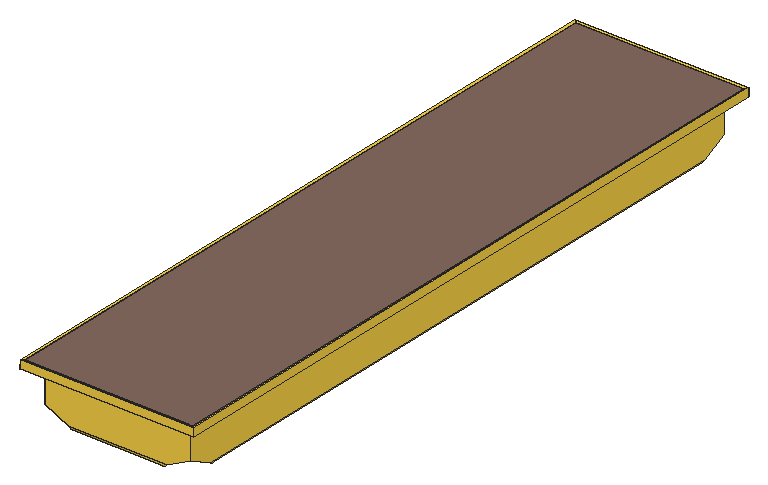
Revit family "CC4_PANEL CC 1.5x0.375_1870165", category Generic Models, Revit 2018
Family settings
  Can host rebar = No
  Round Connector Dimension = Use Diameter
  Part Type = Normal
  OmniClass Number = 35.51.14.00
  OmniClass Title = FORMWORK
  Work Plane-Based = Yes
  Always vertical = No
  Cut with Voids When Loaded = No
  Shared = Yes
  Room Calculation Point = No
Parameters
  VERSION = "20190101"  # constant formula
  URL = "www.ulmaconstruction.com/en"
  UNICLASS = ""
  ITEM_CODE = "1870165"
  Manufacturer = "ULMA CONSTRUCTION"  # constant formula
  FILTER [instance] = ""
  Default Elevation = 0.000 mm
  CLASSIFICATION_TITLE = ""
  CLASSIFICATION_NUMBER = ""
Reference planes
  plane 1 "Centro (Frontal/Posterior)": y = 0
  plane 2: z = 0
  plane 3 "Centro (Izquierda/Derecha)": x = 0
Forms (mm)
  Extrusion 1, solid, material "ULMA YELLOW", detail levels fine
    sketch origin (0, 0, 0) x (0, 1, 0) y (0, 0, 1)
      loop
        line (286, -85) -> (314, -85) -> (314, -82.5) -> (288, -82.5) -> (288, -12.5) -> (314, -12.5) -> (314, -10) -> (286, -10) -> (286, -85)
      loop
        line (886, -85) -> (914, -85) -> (914, -82.5) -> (888, -82.5) -> (888, -12.5) -> (914, -12.5) -> (914, -10) -> (886, -10) -> (886, -85)
      loop
        line (614, -85) -> (614, -10) -> (586, -10) -> (586, -12.5) -> (612, -12.5) -> (612, -82.5) -> (586, -82.5) -> (586, -85) -> (614, -85)
      loop
        line (1214, -85) -> (1214, -10) -> (1186, -10) -> (1186, -12.5) -> (1212, -12.5) -> (1212, -82.5) -> (1186, -82.5) -> (1186, -85) -> (1214, -85)
    from -343 to -32
  Extrusion 2, solid, material "ULMA YELLOW", detail levels fine
    sketch origin (0, 0, 0) x (1, 0, 0) y (0, 0, 1)
      loop
        line (-50, -115.5) -> (-50, -118.5) -> (-34, -118.5)
        arc (-34, -118.5) -> (-31.172, -117.328) -> (-30, -114.5) r 4
        line (-30, -114.5) -> (-30, -17.5) -> (0, -17.5) -> (0, 0) -> (-5.25, 0) -> (-5.25, -9) -> (-32, -9) -> (-32, -85) -> (-33, -85) -> (-33, -111.5) -> (-46, -111.5)
        arc (-46, -111.5) -> (-48.828, -112.672) -> (-50, -115.5) r 4
    from 0 to -1500
  Extrusion 3, solid, material "ULMA YELLOW", detail levels fine
    sketch origin (-375, 0, 0) x (-1, 0, 0) y (0, 0, -1)
      loop
        arc (-50, 115.5) -> (-48.828, 112.672) -> (-46, 111.5) r 4
        line (-46, 111.5) -> (-33, 111.5) -> (-33, 85) -> (-32, 85) -> (-32, 9) -> (-5.25, 9) -> (-5.25, 0) -> (0, 0) -> (0, 17.5) -> (-30, 17.5) -> (-30, 114.5)
        arc (-30, 114.5) -> (-31.172, 117.328) -> (-34, 118.5) r 4
        line (-34, 118.5) -> (-50, 118.5) -> (-50, 115.5)
    from -1500 to 0
  Extrusion 4, solid, material "ULMA YELLOW", detail levels fine
    sketch origin (0, 0, 0) x (0, 1, 0) y (0, 0, 1)
      loop
        line (0, 0) -> (0, -17.5) -> (30, -17.5) -> (30, -114.5)
        arc (30, -114.5) -> (31.172, -117.328) -> (34, -118.5) r 4
        line (34, -118.5) -> (50, -118.5) -> (50, -115.5)
        arc (50, -115.5) -> (48.828, -112.672) -> (46, -111.5) r 4
        line (46, -111.5) -> (33, -111.5) -> (33, -85) -> (32, -85) -> (32, -9) -> (5.25, -9) -> (5.25, 0) -> (0, 0)
    from 0 to -375
  Extrusion 5, solid, material "ULMA YELLOW", detail levels fine
    sketch origin (0, 1500, 0) x (0, -1, 0) y (0, 0, -1)
      loop
        line (0, 0) -> (5.25, 0) -> (5.25, 9) -> (32, 9) -> (32, 85) -> (33, 85) -> (33, 111.5) -> (46, 111.5)
        arc (46, 111.5) -> (48.828, 112.672) -> (50, 115.5) r 4
        line (50, 115.5) -> (50, 118.5) -> (34, 118.5)
        arc (34, 118.5) -> (31.172, 117.328) -> (30, 114.5) r 4
        line (30, 114.5) -> (30, 17.5) -> (0, 17.5) -> (0, 0)
    from 0 to -375
  Extrusion 6, void
    sketch origin (0, 0, 0) x (1, 0, 0) y (0, 1, 0)
      loop
        line (0, 1500) -> (-50, 1450) -> (0, 1450) -> (0, 1500)
    from -118.5 to 0
  Extrusion 7, void
    sketch origin (0, 0, 0) x (1, 0, 0) y (0, 1, 0)
      loop
        line (0, 1500) -> (-50, 1500) -> (-50, 1450) -> (0, 1500)
    from -118.5 to 0
  Extrusion 8, void
    sketch origin (-375, 0, 0) x (-1, 0, 0) y (0, -1, 0)
      loop
        line (0, -1500) -> (-50, -1450) -> (-50, -1500) -> (0, -1500)
    from -118.5 to 0
  Extrusion 9, void
    sketch origin (-375, 0, 0) x (-1, 0, 0) y (0, -1, 0)
      loop
        line (0, -1500) -> (0, -1450) -> (-50, -1450) -> (0, -1500)
    from -118.5 to 0
  Extrusion 10, void
    sketch origin (-375, 1500, 0) x (-1, 0, 0) y (0, -1, 0)
      loop
        line (0, 1500) -> (-50, 1450) -> (0, 1450) -> (0, 1500)
    from -118.5 to 0
  Extrusion 11, void
    sketch origin (-375, 1500, 0) x (-1, 0, 0) y (0, -1, 0)
      loop
        line (0, 1500) -> (-50, 1500) -> (-50, 1450) -> (0, 1500)
    from -118.5 to 0
  Extrusion 12, void
    sketch origin (0, 1500, 0) x (1, 0, 0) y (0, 1, 0)
      loop
        line (0, -1500) -> (-50, -1450) -> (-50, -1500) -> (0, -1500)
    from -118.5 to 0
  Extrusion 13, void
    sketch origin (0, 1500, 0) x (1, 0, 0) y (0, 1, 0)
      loop
        line (0, -1500) -> (0, -1450) -> (-50, -1450) -> (0, -1500)
    from -118.5 to 0
  Extrusion 14, void
    sketch origin (0, 0, 0) x (0, 1, 0) y (0, 0, 1)
      loop
        line (1470, -87.546) -> (1409.25, -118.5) -> (1470, -118.5) -> (1470, -87.546)
    from -50 to 0
  Extrusion 15, void
    sketch origin (-1500, 1500, 0) x (1, 0, 0) y (0, 0, -1)
      loop
        line (1470, 87.546) -> (1470, 118.5) -> (1409.25, 118.5) -> (1470, 87.546)
    from -50 to 0
  Extrusion 16, void
    sketch origin (1125, 1500, 0) x (-1, 0, 0) y (0, 0, 1)
      loop
        line (1470, -87.546) -> (1409.25, -118.5) -> (1470, -118.5) -> (1470, -87.546)
    from -50 to 0
  Extrusion 17, void
    sketch origin (-375, 0, 0) x (0, 1, 0) y (0, 0, -1)
      loop
        line (1470, 87.546) -> (1470, 118.5) -> (1409.25, 118.5) -> (1470, 87.546)
    from -50 to 0
  Extrusion 18, void
    sketch origin (0, 1500, 0) x (0, -1, 0) y (0, 0, -1)
      loop
        line (1470, 87.546) -> (1470, 118.5) -> (1409.25, 118.5) -> (1470, 87.546)
    from -50 to 0
  Extrusion 19, void
    sketch origin (-1500, 0, 0) x (1, 0, 0) y (0, 0, 1)
      loop
        line (1470, -87.546) -> (1409.25, -118.5) -> (1470, -118.5) -> (1470, -87.546)
    from -50 to 0
  Extrusion 20, void
    sketch origin (1125, 0, 0) x (-1, 0, 0) y (0, 0, -1)
      loop
        line (1470, 87.546) -> (1470, 118.5) -> (1409.25, 118.5) -> (1470, 87.546)
    from -50 to 0
  Extrusion 21, void
    sketch origin (-375, 1500, 0) x (0, -1, 0) y (0, 0, 1)
      loop
        line (1470, -87.546) -> (1409.25, -118.5) -> (1470, -118.5) -> (1470, -87.546)
    from -50 to 0
  Extrusion 22, solid, material "ULMA PLYWOOD", detail levels fine
    sketch origin (0, 0, 0) x (1, 0, 0) y (0, 1, 0)
      loop
        line (-369.75, 1494.75) -> (-369.75, 5.25) -> (-5.25, 5.25) -> (-5.25, 1494.75) -> (-369.75, 1494.75)
    from -9 to 0
  Extrusion 23, solid, material "ULMA PLYWOOD", detail levels medium
    sketch origin (0, 0, 0) x (1, 0, 0) y (0, 1, 0)
      loop
        line (-375, 1500) -> (-375, 0) -> (0, 0) -> (0, 1500) -> (-375, 1500)
    from -118.5 to 0
Cuts and joins
  Extrusion 7, Extrusion 8, Extrusion 9, Extrusion 12, Extrusion 14, Extrusion 16, Extrusion 17, Extrusion 18 cuts Extrusion 2
  Extrusion 6, Extrusion 9, Extrusion 10, Extrusion 11, Extrusion 15, Extrusion 16, Extrusion 18, Extrusion 19, Extrusion 20, Extrusion 21 cuts Extrusion 5
  Extrusion 8, Extrusion 11, Extrusion 12, Extrusion 13, Extrusion 17, Extrusion 21 cuts Extrusion 3
  Extrusion 10, Extrusion 13, Extrusion 19, Extrusion 20 cuts Extrusion 4
Lines and regions (mm)
  model lines, style "ULMA PANEL CC", detail levels fine
    curve 1: line (-30, 500, -40) -> (-30, 400, -40)
    curve 2: arc (-30, 400, -40) -> (-30, 395.668, -40.987) -> (-30, 392.191, -43.753) r 10
    curve 3: line (-30, 392.191, -43.753) -> (-30, 372.191, -68.753)
    curve 4: arc (-30, 372.191, -68.753) -> (-30, 370.987, -79.332) -> (-30, 380, -85) r 10
    curve 5: line (-30, 380, -85) -> (-30, 520, -85)
    curve 6: arc (-30, 520, -85) -> (-30, 529.013, -79.332) -> (-30, 527.809, -68.753) r 10
    curve 7: line (-30, 527.809, -68.753) -> (-30, 507.809, -43.753)
    curve 8: arc (-30, 507.809, -43.753) -> (-30, 504.332, -40.987) -> (-30, 500, -40) r 10
    curve 9: line (-30, 800, -40) -> (-30, 700, -40)
    curve 10: arc (-30, 700, -40) -> (-30, 695.668, -40.987) -> (-30, 692.191, -43.753) r 10
    curve 11: line (-30, 692.191, -43.753) -> (-30, 672.191, -68.753)
    curve 12: arc (-30, 672.191, -68.753) -> (-30, 670.987, -79.332) -> (-30, 680, -85) r 10
    curve 13: line (-30, 680, -85) -> (-30, 820, -85)
    curve 14: arc (-30, 820, -85) -> (-30, 829.013, -79.332) -> (-30, 827.809, -68.753) r 10
    curve 15: line (-30, 827.809, -68.753) -> (-30, 807.809, -43.753)
    curve 16: arc (-30, 807.809, -43.753) -> (-30, 804.332, -40.987) -> (-30, 800, -40) r 10
    curve 17: line (-30, 1100, -40) -> (-30, 1000, -40)
    curve 18: arc (-30, 1000, -40) -> (-30, 995.668, -40.987) -> (-30, 992.191, -43.753) r 10
    curve 19: line (-30, 992.191, -43.753) -> (-30, 972.191, -68.753)
    curve 20: arc (-30, 972.191, -68.753) -> (-30, 970.987, -79.332) -> (-30, 980, -85) r 10
    curve 21: line (-30, 980, -85) -> (-30, 1120, -85)
    curve 22: arc (-30, 1120, -85) -> (-30, 1129.013, -79.332) -> (-30, 1127.809, -68.753) r 10
    curve 23: line (-30, 1127.809, -68.753) -> (-30, 1107.809, -43.753)
    curve 24: arc (-30, 1107.809, -43.753) -> (-30, 1104.332, -40.987) -> (-30, 1100, -40) r 10
    curve 25: line (-345, 500, -40) -> (-345, 400, -40)
    curve 26: arc (-345, 400, -40) -> (-345, 395.668, -40.987) -> (-345, 392.191, -43.753) r 10
    curve 27: line (-345, 392.191, -43.753) -> (-345, 372.191, -68.753)
    curve 28: arc (-345, 372.191, -68.753) -> (-345, 370.987, -79.332) -> (-345, 380, -85) r 10
    curve 29: line (-345, 380, -85) -> (-345, 520, -85)
    curve 30: arc (-345, 520, -85) -> (-345, 529.013, -79.332) -> (-345, 527.809, -68.753) r 10
    curve 31: line (-345, 527.809, -68.753) -> (-345, 507.809, -43.753)
    curve 32: arc (-345, 507.809, -43.753) -> (-345, 504.332, -40.987) -> (-345, 500, -40) r 10
    curve 33: line (-345, 800, -40) -> (-345, 700, -40)
    curve 34: arc (-345, 700, -40) -> (-345, 695.668, -40.987) -> (-345, 692.191, -43.753) r 10
    curve 35: line (-345, 692.191, -43.753) -> (-345, 672.191, -68.753)
    curve 36: arc (-345, 672.191, -68.753) -> (-345, 670.987, -79.332) -> (-345, 680, -85) r 10
    curve 37: line (-345, 680, -85) -> (-345, 820, -85)
    curve 38: arc (-345, 820, -85) -> (-345, 829.013, -79.332) -> (-345, 827.809, -68.753) r 10
    curve 39: line (-345, 827.809, -68.753) -> (-345, 807.809, -43.753)
    curve 40: arc (-345, 807.809, -43.753) -> (-345, 804.332, -40.987) -> (-345, 800, -40) r 10
    curve 41: line (-345, 1100, -40) -> (-345, 1000, -40)
    curve 42: arc (-345, 1000, -40) -> (-345, 995.668, -40.987) -> (-345, 992.191, -43.753) r 10
    curve 43: line (-345, 992.191, -43.753) -> (-345, 972.191, -68.753)
    curve 44: arc (-345, 972.191, -68.753) -> (-345, 970.987, -79.332) -> (-345, 980, -85) r 10
    curve 45: line (-345, 980, -85) -> (-345, 1120, -85)
    curve 46: arc (-345, 1120, -85) -> (-345, 1129.013, -79.332) -> (-345, 1127.809, -68.753) r 10
    curve 47: line (-345, 1127.809, -68.753) -> (-345, 1107.809, -43.753)
    curve 48: arc (-345, 1107.809, -43.753) -> (-345, 1104.332, -40.987) -> (-345, 1100, -40) r 10
    curve 49: line (-32, 500, -40) -> (-32, 400, -40)
    curve 50: arc (-32, 400, -40) -> (-32, 395.668, -40.987) -> (-32, 392.191, -43.753) r 10
    curve 51: line (-32, 392.191, -43.753) -> (-32, 372.191, -68.753)
    curve 52: arc (-32, 372.191, -68.753) -> (-32, 370.987, -79.332) -> (-32, 380, -85) r 10
    curve 53: line (-32, 380, -85) -> (-32, 520, -85)
    curve 54: arc (-32, 520, -85) -> (-32, 529.013, -79.332) -> (-32, 527.809, -68.753) r 10
    curve 55: line (-32, 527.809, -68.753) -> (-32, 507.809, -43.753)
    curve 56: arc (-32, 507.809, -43.753) -> (-32, 504.332, -40.987) -> (-32, 500, -40) r 10
    curve 57: line (-32, 800, -40) -> (-32, 700, -40)
    curve 58: arc (-32, 700, -40) -> (-32, 695.668, -40.987) -> (-32, 692.191, -43.753) r 10
    curve 59: line (-32, 692.191, -43.753) -> (-32, 672.191, -68.753)
    curve 60: arc (-32, 672.191, -68.753) -> (-32, 670.987, -79.332) -> (-32, 680, -85) r 10
    curve 61: line (-32, 680, -85) -> (-32, 820, -85)
    curve 62: arc (-32, 820, -85) -> (-32, 829.013, -79.332) -> (-32, 827.809, -68.753) r 10
    curve 63: line (-32, 827.809, -68.753) -> (-32, 807.809, -43.753)
    curve 64: arc (-32, 807.809, -43.753) -> (-32, 804.332, -40.987) -> (-32, 800, -40) r 10
    curve 65: line (-32, 1100, -40) -> (-32, 1000, -40)
    curve 66: arc (-32, 1000, -40) -> (-32, 995.668, -40.987) -> (-32, 992.191, -43.753) r 10
    curve 67: line (-32, 992.191, -43.753) -> (-32, 972.191, -68.753)
    curve 68: arc (-32, 972.191, -68.753) -> (-32, 970.987, -79.332) -> (-32, 980, -85) r 10
    curve 69: line (-32, 980, -85) -> (-32, 1120, -85)
    curve 70: arc (-32, 1120, -85) -> (-32, 1129.013, -79.332) -> (-32, 1127.809, -68.753) r 10
    curve 71: line (-32, 1127.809, -68.753) -> (-32, 1107.809, -43.753)
    curve 72: arc (-32, 1107.809, -43.753) -> (-32, 1104.332, -40.987) -> (-32, 1100, -40) r 10
    curve 73: line (-343, 500, -40) -> (-343, 400, -40)
    curve 74: arc (-343, 400, -40) -> (-343, 395.668, -40.987) -> (-343, 392.191, -43.753) r 10
    curve 75: line (-343, 392.191, -43.753) -> (-343, 372.191, -68.753)
    curve 76: arc (-343, 372.191, -68.753) -> (-343, 370.987, -79.332) -> (-343, 380, -85) r 10
    curve 77: line (-343, 380, -85) -> (-343, 520, -85)
    curve 78: arc (-343, 520, -85) -> (-343, 529.013, -79.332) -> (-343, 527.809, -68.753) r 10
    curve 79: line (-343, 527.809, -68.753) -> (-343, 507.809, -43.753)
    curve 80: arc (-343, 507.809, -43.753) -> (-343, 504.332, -40.987) -> (-343, 500, -40) r 10
    curve 81: line (-343, 800, -40) -> (-343, 700, -40)
    curve 82: arc (-343, 700, -40) -> (-343, 695.668, -40.987) -> (-343, 692.191, -43.753) r 10
    curve 83: line (-343, 692.191, -43.753) -> (-343, 672.191, -68.753)
    curve 84: arc (-343, 672.191, -68.753) -> (-343, 670.987, -79.332) -> (-343, 680, -85) r 10
    curve 85: line (-343, 680, -85) -> (-343, 820, -85)
    curve 86: arc (-343, 820, -85) -> (-343, 829.013, -79.332) -> (-343, 827.809, -68.753) r 10
    curve 87: line (-343, 827.809, -68.753) -> (-343, 807.809, -43.753)
    curve 88: arc (-343, 807.809, -43.753) -> (-343, 804.332, -40.987) -> (-343, 800, -40) r 10
    curve 89: line (-343, 1100, -40) -> (-343, 1000, -40)
    curve 90: arc (-343, 1000, -40) -> (-343, 995.668, -40.987) -> (-343, 992.191, -43.753) r 10
    curve 91: line (-343, 992.191, -43.753) -> (-343, 972.191, -68.753)
    curve 92: arc (-343, 972.191, -68.753) -> (-343, 970.987, -79.332) -> (-343, 980, -85) r 10
    curve 93: line (-343, 980, -85) -> (-343, 1120, -85)
    curve 94: arc (-343, 1120, -85) -> (-343, 1129.013, -79.332) -> (-343, 1127.809, -68.753) r 10
    curve 95: line (-343, 1127.809, -68.753) -> (-343, 1107.809, -43.753)
    curve 96: arc (-343, 1107.809, -43.753) -> (-343, 1104.332, -40.987) -> (-343, 1100, -40) r 10
  model lines, style "ULMA PANEL CC", detail levels coarse
    curve 97: line (-285, 90, 0) -> (-90, 1410, 0)
Dimensions and locks
  aligned and locked: level to plane 2
